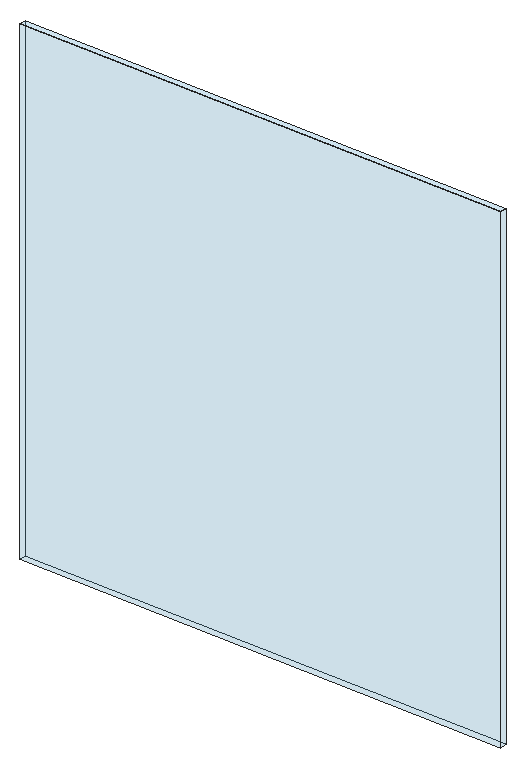
Revit family
Parameters (values of type "72" x 72"")
  Sealant = 0' - 0 3/8"
  Pocket Depth [instance] = 0' - 0 1/2"
  Head Height = Sill Height + Rough Height - Sealant  # 8' - 11 5/8"
  Depth [instance] = 0' - 6"
  Sill Height = 3' - 0"
  Rough Width = 6' - 0"
  Rough Height = 6' - 0"
  Model = "OPG1500"
  Material = ""
  Manufacturer = "Arcadia"
  Sightline = 0' - 2 5/8"
  Height = Rough Height - Sealant - Sealant  # 5' - 11 1/4"
  Wall Closure = (empty or 0)
  Width = Rough Width - Sealant - Sealant  # 5' - 11 1/4"
  Glass Thickness [instance] = 0' - 1"
  Offset to Inside Face of Glass [instance] = 0' - 4 5/16"
  Construction Type = "Aluminum"
  Center of Rough Opening [instance] = Rough Width / 2  # 3' - 0"
  Center of Glass [instance] = Glass Thickness / 2  # 0' - 0 1/2"
  Center Wall to Outside Face [instance] = 0' - 2 7/8"
  Assembly Code = ""
Reference planes (in)
  plane 1 "Center (Front/Back)": y = 0
  plane 2: z = 0
  plane 3 "Center (Left/Right)": x = 12
  plane 4 "Rough Opening Bottom": z = 36
  plane 5 "Rough Opening Top": z = 108
  plane 6 "Exterior Face": y = 6.25
  plane 7 "Frame Top": z = 105.375
  plane 8 "Frame Bottom": z = 38.625
  plane 9 "Rough Opening Left": x = -24
  plane 10 "Rough Opening Right": x = 48
  plane 11 "Frame Left": x = -21.375
  plane 12 "Frame Right": x = 45.375
  plane 13 "Exterior Glass Edge": y = 4.73644
  plane 14 "Interior Glass Edge": y = 3.73644
  plane 15 "Glass Centerline": y = 4.23644
  plane 16 "Frame Outside": y = 5.42394
  plane 17 "Frame Inside": y = -0.57606
  plane 18: z = 105.875
  plane 19: z = 38.125
  plane 20: x = 45.875
  plane 21: x = -21.875
  plane 22: x = 47.625
  plane 23: x = -23.625
  plane 24: z = 107.625
  plane 25: z = 36.375
Forms (in)
  Extrusion 1, solid, material "Anodize Arcadia AC2 Clear #11", detail levels coarse
    sketch origin (0, 0, 36) x (0, -1, 0) y (1, 0, 0)
      loop
        line (-5.42394, -24) -> (0.57606, -24) -> (0.57606, -21.375) -> (-3.73644, -21.375) -> (-3.73644, -21.875) -> (-4.73644, -21.875) -> (-4.73644, -21.375) -> (-5.42394, -21.375) -> (-5.42394, -24)
    from 0 to 72 <- "Rough Height"
  Extrusion 2, solid, material "Anodize Arcadia AC2 Clear #11", detail levels coarse
    sketch origin (0, 0, 36) x (0, -1, 0) y (1, 0, 0)
      loop
        line (-5.42394, 45.375) -> (-4.73644, 45.375) -> (-4.73644, 45.875) -> (-3.73644, 45.875) -> (-3.73644, 45.375) -> (0.57606, 45.375) -> (0.57606, 48) -> (-5.42394, 48) -> (-5.42394, 45.375)
    from 0 to 72 <- "Rough Height"
  Extrusion 3, solid, material "Glass"
    sketch origin (-0.5, 0, 36) x (0, -1, 0) y (1, 0, 0)
      loop
        line (-4.73644, -21.375) -> (-3.73644, -21.375) -> (-3.73644, 46.375) -> (-4.73644, 46.375) -> (-4.73644, -21.375)
    from 2.125 to 69.875
  Extrusion 4, solid, material "Anodize Arcadia AC2 Clear #11", detail levels coarse
    sketch origin (-24, 0, 0) x (0, 1, 0) y (0, 0, 1)
      loop
        line (-0.57606, 108) -> (-0.57606, 105.375) -> (3.73644, 105.375) -> (3.73644, 105.875) -> (4.73644, 105.875) -> (4.73644, 105.375) -> (5.42394, 105.375) -> (5.42394, 108) -> (-0.57606, 108)
    from 0 to 72 <- "Rough Width"
  Extrusion 5, solid, material "Anodize Arcadia AC2 Clear #11", detail levels coarse
    sketch origin (-24, 0, 0) x (0, 1, 0) y (0, 0, 1)
      loop
        line (5.42394, 38.625) -> (4.73644, 38.625) -> (4.73644, 38.125) -> (3.73644, 38.125) -> (3.73644, 38.625) -> (-0.57606, 38.625) -> (-0.57606, 36) -> (5.42394, 36) -> (5.42394, 38.625)
    from 0 to 72 <- "Rough Width"
  Extrusion 6, void
    sketch origin (0, 0, 36) x (0, -1, 0) y (1, 0, 0)
      loop
        line (-6.25, -24) -> (1.75, -24) -> (1.75, 48) -> (-6.25, 48) -> (-6.25, -24)
    from 0 to 72 <- "Rough Height"
Lines and regions (in)
  symbolic lines, detail levels coarse
    curve 1: line (-24, 5.42394, 0) -> (-21.375, 5.42394, 0)
    curve 2: line (-21.375, 5.42394, 0) -> (-21.375, 4.73644, 0)
    curve 3: line (45.875, 4.73644, 0) -> (-21.875, 4.73644, 0)
    curve 4: line (-21.875, 4.73644, 0) -> (-21.875, 3.73644, 0)
    curve 5: line (-21.875, 3.73644, 0) -> (45.875, 3.73644, 0)
    curve 6: line (-21.375, 3.73644, 0) -> (-21.375, -0.57606, 0)
    curve 7: line (-21.375, -0.57606, 0) -> (-24, -0.57606, 0)
    curve 8: line (-24, -0.57606, 0) -> (-24, 5.42394, 0)
    curve 9: line (48, 5.42394, 0) -> (45.375, 5.42394, 0)
    curve 10: line (45.375, 5.42394, 0) -> (45.375, 4.73644, 0)
    curve 11: line (45.875, 4.73644, 0) -> (45.875, 3.73644, 0)
    curve 12: line (45.375, 3.73644, 0) -> (45.375, -0.57606, 0)
    curve 13: line (45.375, -0.57606, 0) -> (48, -0.57606, 0)
    curve 14: line (48, -0.57606, 0) -> (48, 5.42394, 0)
Text (in)
  text "EXTERIOR" at (-58.6888, 50.90694, 0), in view "Ref. Level"
  text "INTERIOR" at (-58.6888, -37.76638, 0), in view "Ref. Level"
  text "Exterior" at (0, 43.65631, 123.19604), in view "Left"
  text "Exterior" at (0, 18.29385, 125.04747), in view "Right"
Dimensions and locks (in)
  "Rough Height": plane 4 "Rough Opening Bottom" to plane 5 "Rough Opening Top"
  "Sill Height": plane 2 to plane 4 "Rough Opening Bottom"
  "Sightline": plane 7 "Frame Top" to plane 5 "Rough Opening Top"
  "Sightline": plane 4 "Rough Opening Bottom" to plane 8 "Frame Bottom"
  "Rough Width": plane 9 "Rough Opening Left" to plane 10 "Rough Opening Right"
  "Sightline": plane 9 "Rough Opening Left" to plane 11 "Frame Left"
  "Sightline": plane 12 "Frame Right" to plane 10 "Rough Opening Right"
  "Depth": plane 17 "Frame Inside" to plane 16 "Frame Outside"
  "Glass Thickness": plane 13 "Exterior Glass Edge" to plane 14 "Interior Glass Edge"
  "Center of Glass": plane 15 "Glass Centerline" to plane 14 "Interior Glass Edge"
  "Center of Rough Opening": plane 9 "Rough Opening Left" to plane 3 "Center (Left/Right)"
  "Offset to Inside Face of Glass": plane 17 "Frame Inside" to plane 14 "Interior Glass Edge"
  "Pocket Depth": plane 12 "Frame Right" to plane 20
  "Pocket Depth": plane 21 to plane 11 "Frame Left"
  "Pocket Depth": plane 7 "Frame Top" to plane 18
  "Pocket Depth": plane 19 to plane 8 "Frame Bottom"
  "Sealant": plane 9 "Rough Opening Left" to plane 23
  "Sealant": plane 22 to plane 10 "Rough Opening Right"
  "Sealant": plane 24 to plane 5 "Rough Opening Top"
  "Sealant": plane 4 "Rough Opening Bottom" to plane 25
  aligned and locked: plane 6 "Exterior Face" to host wall
  aligned and locked: Extrusion 1 sketch curve to plane 17 "Frame Inside"
  aligned and locked: plane 16 "Frame Outside" to Extrusion 1 sketch curve
  aligned and locked: Extrusion 1 sketch curve to plane 11 "Frame Left"
  aligned and locked: plane 9 "Rough Opening Left" to Extrusion 1 sketch curve
  aligned and locked: plane 12 "Frame Right" to Extrusion 2 sketch curve
  aligned and locked: Extrusion 2 sketch curve to plane 10 "Rough Opening Right"
  aligned and locked: Extrusion 2 sketch curve to plane 17 "Frame Inside"
  aligned and locked: plane 16 "Frame Outside" to Extrusion 2 sketch curve
  aligned and locked: Extrusion 3 sketch curve to plane 13 "Exterior Glass Edge"
  aligned and locked: plane 14 "Interior Glass Edge" to Extrusion 3 sketch curve
  aligned and locked: plane 5 "Rough Opening Top" to Extrusion 4 sketch curve
  aligned and locked: Extrusion 4 sketch curve to plane 7 "Frame Top"
  aligned and locked: Extrusion 4 sketch curve to plane 17 "Frame Inside"
  aligned and locked: plane 16 "Frame Outside" to Extrusion 4 sketch curve
  aligned and locked: Extrusion 5 sketch curve to plane 4 "Rough Opening Bottom"
  aligned and locked: plane 8 "Frame Bottom" to Extrusion 5 sketch curve
  aligned and locked: Extrusion 5 sketch curve to plane 17 "Frame Inside"
  aligned and locked: plane 16 "Frame Outside" to Extrusion 5 sketch curve
  aligned and locked: plane 4 "Rough Opening Bottom" to nested 3
  aligned and locked: nested 2 to plane 5 "Rough Opening Top"
  aligned and locked: plane 19 to Extrusion 3
  aligned and locked: Extrusion 3 to plane 18
  aligned and locked: plane 17 "Frame Inside" to nested 3
  aligned and locked: plane 17 "Frame Inside" to nested 2
  aligned and locked: nested 1 to plane 16 "Frame Outside"
  aligned and locked: plane 10 "Rough Opening Right" to nested 1
  aligned and locked: nested 4 to plane 9 "Rough Opening Left"
  aligned and locked: plane 17 "Frame Inside" to nested 4
  aligned and locked: plane 13 "Exterior Glass Edge" to Extrusion 5 sketch curve
  aligned and locked: Extrusion 5 sketch curve to plane 14 "Interior Glass Edge"
  aligned and locked: plane 19 to Extrusion 5 sketch curve
  aligned and locked: Extrusion 4 sketch curve to plane 13 "Exterior Glass Edge"
  aligned and locked: plane 18 to Extrusion 4 sketch curve
  aligned and locked: plane 14 "Interior Glass Edge" to Extrusion 4 sketch curve
  aligned and locked: plane 14 "Interior Glass Edge" to Extrusion 2 sketch curve
  aligned and locked: Extrusion 2 sketch curve to plane 20
  aligned and locked: Extrusion 2 sketch curve to plane 13 "Exterior Glass Edge"
  aligned and locked: Extrusion 1 sketch curve to plane 14 "Interior Glass Edge"
  aligned and locked: Extrusion 1 sketch curve to plane 21
  aligned and locked: plane 13 "Exterior Glass Edge" to Extrusion 1 sketch curve
  aligned and locked: plane 16 "Frame Outside" to curve 1
  aligned and locked: plane 9 "Rough Opening Left" to curve 8
  aligned and locked: curve 2 to plane 11 "Frame Left"
  aligned and locked: curve 6 to plane 11 "Frame Left"
  aligned and locked: curve 4 to plane 21
  aligned and locked: curve 7 to plane 17 "Frame Inside"
  aligned and locked: curve 5 to plane 14 "Interior Glass Edge"
  aligned and locked: plane 13 "Exterior Glass Edge" to curve 3
  aligned and locked: curve 10 to plane 12 "Frame Right"
  aligned and locked: curve 12 to plane 12 "Frame Right"
  aligned and locked: curve 11 to plane 20
  aligned and locked: plane 10 "Rough Opening Right" to curve 14
  aligned and locked: curve 9 to plane 16 "Frame Outside"
  aligned and locked: plane 17 "Frame Inside" to curve 13
  aligned and locked: import instance to plane 16 "Frame Outside"  (x2)
  aligned and locked: plane 9 "Rough Opening Left" to import instance
  aligned and locked: plane 16 "Frame Outside" to import instance  (x2)
  aligned and locked: plane 10 "Rough Opening Right" to import instance
  aligned and locked: plane 5 "Rough Opening Top" to import instance
  aligned and locked: import instance to plane 4 "Rough Opening Bottom"
  aligned and locked: level to plane 2
  aligned and locked: plane 9 "Rough Opening Left" to Extrusion 6 sketch curve
  aligned and locked: plane 6 "Exterior Face" to Extrusion 6 sketch curve
  aligned and locked: host wall to Extrusion 6 sketch curve
  aligned and locked: plane 10 "Rough Opening Right" to Extrusion 6 sketch curve
Automatic sketch dimensions
  Extrusion 3 sketch curve to plane 21 = 0' - 0"
  Extrusion 3 sketch curve to plane 20 = 0' - 0"
  Extrusion 5 sketch curve to plane 8 "Frame Bottom" = 0' - 0"
  Extrusion 4 sketch curve to plane 7 "Frame Top" = 0' - 0"
  Extrusion 2 sketch curve to plane 12 "Frame Right" = 0' - 0"
  Extrusion 1 sketch curve to plane 11 "Frame Left" = 0' - 0"
Nested families (in)
  nested 1: "Window-Arcadia-OPG6000-Med-Jamb-R" at (46.9375, 4.23644, 0) x (-1, 0, 0) z (0, 0, 1), type "Window-Arcadia-OPG6000-Med-Jamb-R", detail levels medium
    with Sightline 0' - 2 5/8", Pocket Depth 0' - 0 1/2", Offset to Inside Face of Glass 0' - 4 5/16", Glass Width 0' - 1", Frame Wall Thickness 0' - 0 3/32", Depth 0' - 6", Center of Glass 0' - 0 1/2"
  nested 2: "Window-Arcadia-OPG6000-Med-Head" at (33.875, 4.23644, 108) x (0, -1, 0) z (1, 0, 0), type "Window-Arcadia-OPG6000-Med-Head", detail levels medium
    with Sightline 0' - 2 5/8", Pocket Depth 0' - 0 1/2", Offset to Inside Face of Glass 0' - 4 5/16", Glass Width 0' - 1", Frame Wall Thickness 0' - 0 3/32", Depth 0' - 6", Center of Glass 0' - 0 1/2"
  nested 3: "Window-Arcadia-OPG6000-Med-Sill" at (33.875, 4.23644, 36) x (0, -1, 0) z (1, 0, 0), type "Window-Arcadia-OPG6000-Med-Sill", detail levels medium
    with Sightline 0' - 2 5/8", Pocket Depth 0' - 0 1/2", Offset to Inside Face of Glass 0' - 4 5/16", Glass Width 0' - 1", Frame Wall Thickness 0' - 0 3/32", Depth 0' - 6", Center of Glass 0' - 0 1/2"
  nested 4: "Window-Arcadia-OPG6000-Med-Jamb-L" at (-22.9375, 4.23644, 0) x (-1, 0, 0) z (0, 0, 1), type "Window-Arcadia-OPG6000-Med-Jamb-L", detail levels medium
    with Sightline 0' - 2 5/8", Pocket Depth 0' - 0 1/2", Offset to Inside Face of Glass 0' - 4 5/16", Glass Width 0' - 1", Frame Wall Thickness 0' - 0 3/32", Depth 0' - 6", Center of Glass 0' - 0 1/2"
Definition of nested family "Window-Arcadia-OPG6000-Med-Jamb-R"
  Parameters (values of type "Window-Arcadia-TC670-Med-Jamb-R")
    Depth [instance] = 0' - 6"
    Pocket Depth [instance] = 0' - 0 3/4"
    Offset to Inside Face of Glass [instance] = 0' - 4"
    Glass Width [instance] = 0' - 1"
    Sightline [instance] = 0' - 2 5/8"
    Center of Glass [instance] = Glass Width / 2  # 0' - 0 1/2"
    Frame Wall Thickness [instance] = 0' - 0 3/32"
    Assembly Code = ""
  Reference planes (in)
    plane 1 "Center (Front/Back)": y = 0
    plane 2: z = 0
    plane 3: x = 1.5625
    plane 4 "back": x = -1.0625
    plane 5: y = 4.5
    plane 6: y = -1.5
    plane 7 "Inside Face of Glass": y = 0.5
    plane 8: y = -0.5
    plane 9: x = 0.8125
  Lines and regions (in)
    detail lines, in view "Ref. Level", detail levels medium
      curve 1: line (-1.0625, 4.5, 0) -> (-1.0625, -1.5, 0)
      curve 2: line (-1.0625, -1.5, 0) -> (1.5625, -1.5, 0)
      curve 3: line (1.5625, -1.5, 0) -> (1.5625, -0.5, 0)
      curve 4: line (1.5625, -0.5, 0) -> (0.8125, -0.5, 0)
      curve 5: line (0.8125, -0.5, 0) -> (0.8125, 0.5, 0)
      curve 6: line (0.8125, 0.5, 0) -> (1.5625, 0.5, 0)
      curve 7: line (1.5625, 0.5, 0) -> (1.5625, 4.5, 0)
      curve 8: line (1.5625, 4.5, 0) -> (-1.0625, 4.5, 0)
      curve 9: line (1.46875, 4.40625, 0) -> (-0.96875, 4.40625, 0)
      curve 10: line (-0.96875, 4.40625, 0) -> (-0.96875, -1.40625, 0)
      curve 11: line (-0.96875, -1.40625, 0) -> (1.46875, -1.40625, 0)
      curve 12: line (1.46875, -1.40625, 0) -> (1.46875, -0.59375, 0)
      curve 13: line (1.46875, -0.59375, 0) -> (0.71875, -0.59375, 0)
      curve 14: line (0.71875, -0.59375, 0) -> (0.71875, 0.59375, 0)
      curve 15: line (0.71875, 0.59375, 0) -> (1.46875, 0.59375, 0)
      curve 16: line (1.46875, 0.59375, 0) -> (1.46875, 4.40625, 0)
      curve 17: line (1.5625, 4.5, 0) -> (-1.0625, 4.5, 0)
      curve 18: line (-1.0625, 4.40625, 0) -> (-1.0625, -1.5, 0)
  Dimensions and locks (in)
    "Sightline": plane 4 "back" to plane 3
    "Depth": plane 5 to plane 6
    "Center of Glass": plane 1 "Center (Front/Back)" to plane 7 "Inside Face of Glass"
    "Glass Width": plane 8 to plane 7 "Inside Face of Glass"
    "Pocket Depth": plane 9 to plane 3
    "Offset to Inside Face of Glass": plane 5 to plane 7 "Inside Face of Glass"
    "Frame Wall Thickness": plane 5 to curve 9
    "Frame Wall Thickness": plane 4 "back" to curve 10
    "Frame Wall Thickness": curve 11 to plane 6
    "Frame Wall Thickness": curve 12 to plane 3
    "Frame Wall Thickness": curve 13 to plane 8
    "Frame Wall Thickness": plane 7 "Inside Face of Glass" to curve 15
    "Frame Wall Thickness": curve 14 to plane 9
    "Frame Wall Thickness": curve 16 to plane 3
    aligned and locked: plane 5 to curve 8
    aligned and locked: curve 1 to plane 4 "back"
    aligned and locked: curve 2 to plane 6
    aligned and locked: plane 3 to curve 3
    aligned and locked: curve 4 to plane 8
    aligned and locked: plane 9 to curve 5
    aligned and locked: plane 7 "Inside Face of Glass" to curve 6
    aligned and locked: plane 3 to curve 7
  Automatic sketch dimensions
    curve 18 to curve 9 = 0' - 0"
Definition of nested family "Window-Arcadia-OPG6000-Med-Head"
  Parameters (values of type "Window-Arcadia-A400-Med-Head")
    Depth [instance] = 0' - 6"
    Pocket Depth [instance] = 0' - 0 1/2"
    Offset to Inside Face of Glass [instance] = 0' - 4"
    Glass Width [instance] = 0' - 1"
    Sightline [instance] = 0' - 2 5/8"
    Center of Glass [instance] = Glass Width / 2  # 0' - 0 1/2"
    Frame Wall Thickness [instance] = 0' - 0 3/32"
    Assembly Code = ""
  Reference planes (in)
    plane 1 "Center (Front/Back)": y = 0
    plane 2: z = 0
    plane 3 "Center (Left/Right)": x = 0
    plane 4: x = -0.5
    plane 5 "Inside Face of Glass": x = 0.5
    plane 6: y = -2.625
    plane 7: x = 4.5
    plane 8: x = -1.5
    plane 9: y = -2.125
  Lines and regions (in)
    detail lines, in view "Ref. Level", detail levels medium
      curve 1: line (-1.5, 0, 0) -> (-1.5, -2.625, 0)
      curve 2: line (-1.5, -2.625, 0) -> (-0.5, -2.625, 0)
      curve 3: line (-0.5, -2.625, 0) -> (-0.5, -2.125, 0)
      curve 4: line (-0.5, -2.125, 0) -> (0.5, -2.125, 0)
      curve 5: line (0.5, -2.125, 0) -> (0.5, -2.625, 0)
      curve 6: line (0.5, -2.625, 0) -> (4.5, -2.625, 0)
      curve 7: line (4.5, -2.625, 0) -> (4.5, 0, 0)
      curve 8: line (4.5, 0, 0) -> (-1.5, 0, 0)
      curve 9: line (-1.40625, -0.09375, 0) -> (-1.40625, -2.53125, 0)
      curve 10: line (4.40625, -0.09375, 0) -> (-1.40625, -0.09375, 0)
      curve 11: line (4.40625, -2.53125, 0) -> (4.40625, -0.09375, 0)
      curve 12: line (0.59375, -2.53125, 0) -> (4.40625, -2.53125, 0)
      curve 13: line (-1.40625, -2.53125, 0) -> (-0.59375, -2.53125, 0)
      curve 14: line (-0.59375, -2.53125, 0) -> (-0.59375, -2.03125, 0)
      curve 15: line (-0.59375, -2.03125, 0) -> (0.59375, -2.03125, 0)
      curve 16: line (0.59375, -2.03125, 0) -> (0.59375, -2.53125, 0)
  Dimensions and locks (in)
    "Sightline": plane 6 to plane 1 "Center (Front/Back)"
    "Depth": plane 8 to plane 7
    "Pocket Depth": plane 6 to plane 9
    "Offset to Inside Face of Glass": plane 5 "Inside Face of Glass" to plane 7
    "Glass Width": plane 4 to plane 5 "Inside Face of Glass"
    "Center of Glass": plane 3 "Center (Left/Right)" to plane 5 "Inside Face of Glass"
    "Frame Wall Thickness": plane 8 to curve 9
    "Frame Wall Thickness": curve 10 to plane 1 "Center (Front/Back)"
    "Frame Wall Thickness": curve 11 to plane 7
    "Frame Wall Thickness": plane 6 to curve 12
    "Frame Wall Thickness": plane 6 to curve 13
    "Frame Wall Thickness": plane 9 to curve 15
    "Frame Wall Thickness": plane 5 "Inside Face of Glass" to curve 16
    "Frame Wall Thickness": curve 14 to plane 4
    aligned and locked: curve 8 to plane 1 "Center (Front/Back)"
    aligned and locked: plane 7 to curve 7
    aligned and locked: curve 1 to plane 8
    aligned and locked: plane 9 to curve 4
    aligned and locked: plane 4 to curve 3
    aligned and locked: plane 6 to curve 2
    aligned and locked: plane 6 to curve 6
  Automatic sketch dimensions
    curve 5 to plane 5 "Inside Face of Glass" = 0' - 0"
Definition of nested family "Window-Arcadia-OPG6000-Med-Sill"
  Parameters (values of type "Window-Arcadia-A400-Med-Sill")
    Depth [instance] = 0' - 6"
    Pocket Depth [instance] = 0' - 0 1/2"
    Offset to Inside Face of Glass [instance] = 0' - 4"
    Glass Width [instance] = 0' - 1"
    Sightline [instance] = 0' - 2 5/8"
    Center of Glass [instance] = Glass Width / 2  # 0' - 0 1/2"
    Frame Wall Thickness [instance] = 0' - 0 3/32"
    Assembly Code = ""
  Reference planes (in)
    plane 1 "Center (Front/Back)": y = 0
    plane 2: z = 0
    plane 3 "Center (Left/Right)": x = 0
    plane 4: x = -0.5
    plane 5 "Inside Face of Glass": x = 0.5
    plane 6: y = 2.625
    plane 7: x = 4.5
    plane 8: x = -1.5
    plane 9: y = 2.125
  Lines and regions (in)
    detail lines, in view "Ref. Level", detail levels medium
      curve 1: line (-1.5, 2.625, 0) -> (-1.5, 0, 0)
      curve 2: line (-1.5, 0, 0) -> (4.5, 0, 0)
      curve 3: line (4.5, 0, 0) -> (4.5, 2.625, 0)
      curve 4: line (4.5, 2.625, 0) -> (0.5, 2.625, 0)
      curve 5: line (0.5, 2.625, 0) -> (0.5, 2.125, 0)
      curve 6: line (0.5, 2.125, 0) -> (-0.5, 2.125, 0)
      curve 7: line (-0.5, 2.125, 0) -> (-0.5, 2.625, 0)
      curve 8: line (-0.5, 2.625, 0) -> (-1.5, 2.625, 0)
      curve 9: line (-0.59375, 2.53125, 0) -> (-1.40625, 2.53125, 0)
      curve 10: line (-1.40625, 2.53125, 0) -> (-1.40625, 0.09375, 0)
      curve 11: line (-1.40625, 0.09375, 0) -> (4.40625, 0.09375, 0)
      curve 12: line (4.40625, 0.09375, 0) -> (4.40625, 2.53125, 0)
      curve 13: line (4.40625, 2.53125, 0) -> (0.59375, 2.53125, 0)
      curve 14: line (0.59375, 2.53125, 0) -> (0.59375, 2.03125, 0)
      curve 15: line (0.59375, 2.03125, 0) -> (-0.59375, 2.03125, 0)
      curve 16: line (-0.59375, 2.03125, 0) -> (-0.59375, 2.53125, 0)
  Dimensions and locks (in)
    "Pocket Depth": plane 9 to plane 6
    "Sightline": plane 1 "Center (Front/Back)" to plane 6
    "Depth": plane 8 to plane 7
    "Offset to Inside Face of Glass": plane 5 "Inside Face of Glass" to plane 7
    "Glass Width": plane 4 to plane 5 "Inside Face of Glass"
    "Center of Glass": plane 3 "Center (Left/Right)" to plane 5 "Inside Face of Glass"
    "Frame Wall Thickness": curve 9 to plane 6
    "Frame Wall Thickness": plane 8 to curve 10
    "Frame Wall Thickness": plane 1 "Center (Front/Back)" to curve 11
    "Frame Wall Thickness": curve 12 to plane 7
    "Frame Wall Thickness": curve 13 to plane 6
    "Frame Wall Thickness": plane 5 "Inside Face of Glass" to curve 14
    "Frame Wall Thickness": curve 15 to plane 9
    "Frame Wall Thickness": curve 16 to plane 4
    aligned and locked: plane 1 "Center (Front/Back)" to curve 2
    aligned and locked: plane 7 to curve 3
    aligned and locked: curve 1 to plane 8
    aligned and locked: curve 8 to plane 6
    aligned and locked: curve 4 to plane 6
    aligned and locked: curve 6 to plane 9
    aligned and locked: curve 5 to plane 5 "Inside Face of Glass"
    aligned and locked: plane 4 to curve 7
  Automatic sketch dimensions
    curve 7 to plane 9 = 0' - 0"
Definition of nested family "Window-Arcadia-OPG6000-Med-Jamb-L"
  Parameters (values of type "Window-Arcadia-TC670-Med-Jamb-L")
    Depth [instance] = 0' - 6"
    Pocket Depth [instance] = 0' - 0 1/2"
    Offset to Inside Face of Glass [instance] = 0' - 4"
    Glass Width [instance] = 0' - 1"
    Sightline [instance] = 0' - 2 1/8"
    Center of Glass [instance] = Glass Width / 2  # 0' - 0 1/2"
    Frame Wall Thickness [instance] = 0' - 0 3/32"
    Assembly Code = ""
  Reference planes (in)
    plane 1 "Center (Front/Back)": y = 0
    plane 2: z = 0
    plane 3 "BACK": x = 1.0625
    plane 4 "FRONT": x = -1.0625
    plane 5: y = 1.5
    plane 6: y = -4.5
    plane 7 "Inside Face of Glass": y = 0.5
    plane 8: y = -0.5
    plane 9: x = -0.5625
  Lines and regions (in)
    detail lines, in view "Ref. Level", detail levels medium
      curve 1: line (1.0625, 1.5, 0) -> (1.0625, -4.5, 0)
      curve 2: line (1.0625, -4.5, 0) -> (-1.0625, -4.5, 0)
      curve 3: line (-1.0625, -4.5, 0) -> (-1.0625, -0.5, 0)
      curve 4: line (-1.0625, -0.5, 0) -> (-0.5625, -0.5, 0)
      curve 5: line (-0.5625, -0.5, 0) -> (-0.5625, 0.5, 0)
      curve 6: line (-0.5625, 0.5, 0) -> (-1.0625, 0.5, 0)
      curve 7: line (-1.0625, 0.5, 0) -> (-1.0625, 1.5, 0)
      curve 8: line (-1.0625, 1.5, 0) -> (1.0625, 1.5, 0)
      curve 9: line (-0.96875, 1.40625, 0) -> (0.96875, 1.40625, 0)
      curve 10: line (-0.96875, 0.59375, 0) -> (-0.96875, 1.40625, 0)
      curve 11: line (-0.46875, 0.59375, 0) -> (-0.96875, 0.59375, 0)
      curve 12: line (-0.46875, -0.59375, 0) -> (-0.46875, 0.59375, 0)
      curve 13: line (-0.96875, -0.59375, 0) -> (-0.46875, -0.59375, 0)
      curve 14: line (-0.96875, -4.40625, 0) -> (-0.96875, -0.59375, 0)
      curve 15: line (0.96875, -4.40625, 0) -> (-0.96875, -4.40625, 0)
      curve 16: line (0.96875, 1.40625, 0) -> (0.96875, -4.40625, 0)
  Dimensions and locks (in)
    "Depth": plane 5 to plane 6
    "Pocket Depth": plane 4 "FRONT" to plane 9
    "Sightline": plane 4 "FRONT" to plane 3 "BACK"
    "Glass Width": plane 8 to plane 7 "Inside Face of Glass"
    "Center of Glass": plane 1 "Center (Front/Back)" to plane 7 "Inside Face of Glass"
    "Frame Wall Thickness": plane 4 "FRONT" to curve 10
    "Frame Wall Thickness": plane 5 to curve 9
    "Frame Wall Thickness": curve 15 to plane 6
    "Frame Wall Thickness": curve 13 to plane 8
    "Frame Wall Thickness": plane 9 to curve 12
    "Frame Wall Thickness": plane 7 "Inside Face of Glass" to curve 11
    "Frame Wall Thickness": plane 4 "FRONT" to curve 14
    "Offset to Inside Face of Glass": plane 6 to plane 8
    aligned and locked: curve 8 to plane 5
    aligned and locked: curve 1 to plane 3 "BACK"
    aligned and locked: plane 6 to curve 2
    aligned and locked: curve 3 to plane 4 "FRONT"
    aligned and locked: plane 8 to curve 4
    aligned and locked: plane 9 to curve 5
    aligned and locked: curve 6 to plane 7 "Inside Face of Glass"
    aligned and locked: plane 4 "FRONT" to curve 7
  Automatic sketch dimensions
    curve 16 to plane 3 "BACK" = 0' - 0 3/32"
